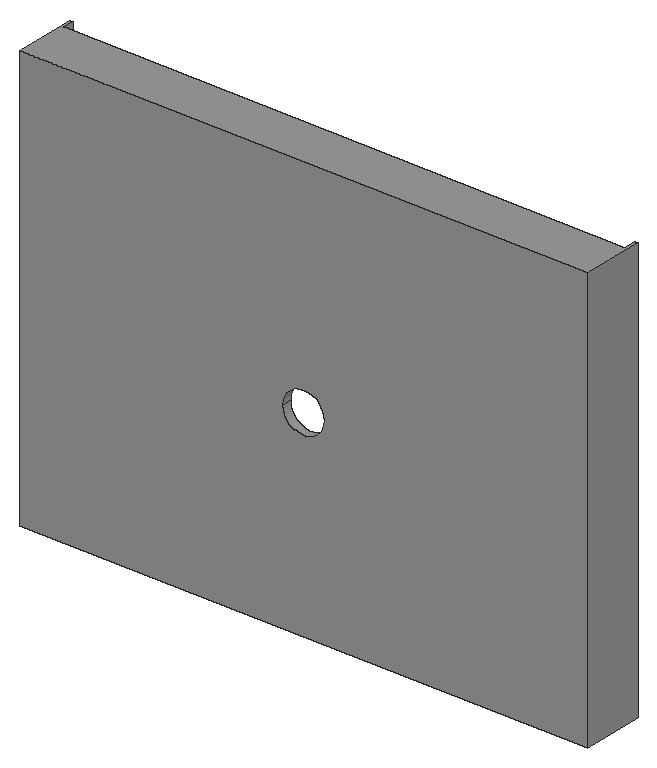
Revit family "Shower_Receptors-Willoughby-AS", category Plumbing Fixtures, host Face, Revit 2014
Parameters (values of type "36X48 (AS-S3648)")
  Width/2 = Width / 2  # 2' - 0"
  Width = 4' - 0"
  Waste DIA = 3 1/2"
  Waste Connection = yes
  Vent Connection = no
  URL = "www.willoughby-ind.com"
  Type Comments = "Rectangular Pan"
  Revision = "A"
  Model = "AS-S3648"
  Manufacturer = "Willoughby Industries"
  Height = 0' - 5 1/4"
  HW Connection = no
  Drain Distance = Width / 2  # 2' - 0"
  Description = "36x48 Shower Pan"
  Depth = 3' - 0"
  Default Elevation = 0' - 0"
  Contact Number = "(800) 428-4065"
  CW Connection = no
  Aquasurf Solid Surface = Solid Surface Acrylic Resin-Willoughby
Types (4): name | Width/2 | Width | Type Comments | Model | Drain Distance | Description | Aquasurf Solid Surface
  (no name) | 2' - 0" | 4' - 0" | "Rectangular Pan" | "AS-S3648" | 2' - 0" | "36x48 Shower Pan" | Solid Surface Acrylic Resin-Willoughby
  36X48 (AS-S3648) | 2' - 0" | 4' - 0" | "Rectangular Pan" | "AS-S3648" | 2' - 0" | "36x48 Shower Pan" | Solid Surface Acrylic Resin-Willoughby
  36X36 (AS-S3636) | 1' - 6" | 3' - 0" | "Square Pan" | "AS-S3636" | 1' - 6" | "36x36 Shower Pan" | Solid Surface Acrylic Resin-Willoughby(1)
  36x60 (AS-S3660) | 2' - 6" | 5' - 0" | "Rectangular Pan" | "AS-S3660" | 2' - 6" | "36x60 Shower Pan" | Solid Surface Acrylic Resin-Willoughby
Reference planes (in)
  plane 1 "Center (Front/Back)": y = 0
  plane 2: z = 0
  plane 3 "Center (Left/Right)": x = 0
  plane 4: y = 5.25
  plane 5: z = 36
  plane 6: x = 24
  plane 7: x = -24
  plane 8: z = 17
Forms (in)
  Extrusion 1, solid, material "Solid Surface Acrylic Resin-Willoughby" <- "Aquasurf Solid Surface"
    sketch origin (0, 0, 0) x (1, 0, 0) y (0, 0, 1)
      loop
        line (24, 0) -> (24, 36) -> (-24, 36) -> (-24, 0) -> (24, 0)
    from 0 to -5.25
  Extrusion 2, void, detail levels fine
    sketch origin (0, 0, 0) x (1, 0, 0) y (0, 0, 1)
      loop
        line (23.75, 36) -> (-23.75, 36) -> (-23.75, 0.25) -> (23.75, 0.25) -> (23.75, 36)
    from -5.25 to -4.25
  Extrusion 3, void, detail levels fine
    sketch origin (0, 0, 0) x (1, 0, 0) y (0, 0, 1)
      loop
        circle (0, 17) r 1.75
    from 0 to -4.25
  Extrusion 4, void, detail levels fine
    sketch origin (0, 0, 0) x (1, 0, 0) y (0, 0, 1)
      loop
        circle (0, 17) r 2.25
    from -0.75682 to -1
  Extrusion 5, void, detail levels fine
    sketch origin (0, 0, 0) x (1, 0, 0) y (0, 0, 1)
      loop
        arc (-20.75, 34) -> (-21.66753, 18.125) -> (-20.75, 2.25) r 137.79253
        line (-20.75, 2.25) -> (20.75, 2.25)
        arc (20.75, 2.25) -> (21.66753, 18.125) -> (20.75, 34) r 137.79253
        line (20.75, 34) -> (-20.75, 34)
    from -1 to -5.25
Cuts and joins
  Extrusion 2, Extrusion 3, Extrusion 4, Extrusion 5 cuts Extrusion 1
Lines and regions (in)
  symbolic lines
    curve 1: line (-24, 0, 0) -> (-24, 5.25, 0)
    curve 2: line (-24, 5.25, 0) -> (24, 5.25, 0)
    curve 3: line (24, 5.25, 0) -> (24, 0, 0)
    curve 4: line (24, 0, 0) -> (-24, 0, 0)
    curve 8: line (-24, 0, 0) -> (24, 0, 0)
    curve 9: line (24, 0, 0) -> (24, 0, 36)
    curve 10: line (24, 0, 36) -> (-24, 0, 36)
    curve 11: line (-24, 0, 36) -> (-24, 0, 0)
    curve 21: line (0, 5.25, 36) -> (0, 0, 36)
    curve 22: line (0, 0, 36) -> (0, 0, 0)
    curve 23: line (0, 0, 0) -> (0, 5.25, 0)
    curve 24: line (0, 5.25, 0) -> (0, 5.25, 36)
  symbolic lines, detail levels medium+fine
    curve 5: line (-23.75, 5.25, 0) -> (-23.75, 3.5, 0)
    curve 6: line (-23.75, 3.5, 0) -> (23.75, 3.5, 0)
    curve 7: line (23.75, 3.5, 0) -> (23.75, 5.25, 0)
    curve 12: line (-23.75, 0, 36) -> (-23.75, 0, 0.25)
    curve 13: line (-23.75, 0, 0.25) -> (23.75, 0, 0.25)
    curve 14: line (23.75, 0, 0.25) -> (23.75, 0, 36)
  symbolic lines, detail levels fine
    curve 15: line (20.75, 0, 34) -> (-20.75, 0, 34)
    curve 16: arc (-20.75, 0, 34) -> (-21.66753, 0, 18.125) -> (-20.75, 0, 2.25) r 137.79253
    curve 17: line (-20.75, 0, 2.25) -> (20.75, 0, 2.25)
    curve 18: arc (20.75, 0, 2.25) -> (21.66753, 0, 18.125) -> (20.75, 0, 34) r 137.79253
    curve 19: circle (0, 0, 17) r 1.75 normal (0, -1, 0)
    curve 20: circle (0, 0, 17) r 2.25 normal (0, -1, 0)
Dimensions and locks (in)
  "Height": plane 4 to plane 1 "Center (Front/Back)"
  "Width": plane 6 to plane 7
  "Depth": level to plane 5
  locked: level to plane 8 at 17
  "Width": plane 7 to plane 6
  "Height": plane 1 "Center (Front/Back)" to plane 4
  "Depth": plane 5 to level
  "Drain Distance": plane 3 "Center (Left/Right)" to plane 7
  aligned and locked: plane 2 to host face
  aligned and locked: level to host face
  aligned and locked: plane 6 to Extrusion 1
  aligned and locked: Extrusion 1 to plane 7
  aligned and locked: Extrusion 1 to level
  aligned and locked: plane 5 to Extrusion 1
  aligned and locked: Extrusion 1 to plane 4
  aligned and locked: plane 1 "Center (Front/Back)" to Extrusion 1
  aligned and locked: plane 5 to Extrusion 2
  aligned and locked: Extrusion 2 to plane 4
  aligned and locked: plane 3 "Center (Left/Right)" to Extrusion 3 sketch curve
  aligned and locked: plane 8 to Extrusion 3 sketch curve
  aligned and locked: plane 8 to Extrusion 4 sketch curve
  aligned and locked: plane 3 "Center (Left/Right)" to Extrusion 4 sketch curve
  aligned and locked: Extrusion 5 to plane 4
  aligned and locked: Extrusion 5 to Extrusion 4
Automatic sketch dimensions
  host sketch curve to host sketch curve = 6' - 4.24802"
  host sketch curve to host sketch curve = 3' - 7.00568"
  level to Extrusion 1 sketch curve = 0' - 0"
  plane 7 to Extrusion 1 sketch curve = 0' - 0"
  Extrusion 1 sketch curve to plane 6 = 0' - 0"
  level to Extrusion 1 sketch curve = 3' - 0"
  plane 7 to Extrusion 2 sketch curve = 0' - 0 1/4"
  Extrusion 2 sketch curve to plane 6 = 0' - 0 1/4"
  level to Extrusion 2 sketch curve = 0' - 0 1/4"
  plane 5 to Extrusion 2 sketch curve = 0' - 0"
  Extrusion 5 sketch curve to plane 8 = 0' - 1 1/8"  (x2)
  Extrusion 5 sketch curve to plane 7 = 7' - 8 1/8"
  plane 7 to Extrusion 5 sketch curve = 0' - 3 1/4"
  Extrusion 5 sketch curve to plane 6 = 0' - 3 1/4"
  Extrusion 5 sketch curve to plane 5 = 0' - 2"
  plane 6 to Extrusion 5 sketch curve = 7' - 8 1/8"
  level to Extrusion 5 sketch curve = 0' - 2 1/4"
  plane 1 "Center (Front/Back)" to curve 1 = 0' - 0"
  curve 1 to plane 7 = 0' - 0"
  plane 4 to curve 5 = 0' - 0"
  curve 4 to plane 6 = 0' - 0"
  plane 7 to curve 6 = 0' - 0 1/4"
  curve 5 to curve 5 = 0' - 1 3/4"
  curve 6 to plane 6 = 0' - 0 1/4"
  curve 19 to curve 20 = 0' - 0"  (x2)
  curve 12 to plane 5 = 0' - 0"
  curve 19 to plane 3 "Center (Left/Right)" = 0' - 0"
  curve 19 to plane 8 = 0' - 0"
  curve 18 to plane 8 = 0' - 1 1/8"
  curve 18 to plane 7 = 7' - 8 1/8"
  plane 7 to curve 13 = 0' - 0 1/4"
  plane 7 to curve 17 = 0' - 3 1/4"
  curve 15 to plane 5 = 0' - 2"
  curve 12 to curve 15 = 0' - 3"
  curve 17 to plane 6 = 0' - 3 1/4"
  curve 14 to plane 6 = 0' - 0 1/4"
  plane 6 to curve 16 = 7' - 8 1/8"
  level to curve 13 = 0' - 0 1/4"
  curve 21 to plane 1 "Center (Front/Back)" = 0' - 0"
  curve 24 to level = 0' - 0"
  curve 24 to plane 4 = 0' - 0"
  curve 22 to plane 5 = 0' - 0"
  curve 8 to level = 0' - 0"
  curve 9 to plane 6 = 0' - 0"
  curve 15 to curve 14 = 0' - 3"
  curve 11 to plane 7 = 0' - 0"
  radius of Extrusion 3 sketch curve = 0' - 1 3/4"
  radius of Extrusion 4 sketch curve = 0' - 2 1/4"
  radius of curve 19 = 0' - 1 3/4"
  radius of curve 20 = 0' - 2 1/4"
Connectors (in)
  piping at (0, 0.75682, 17), diameter 3.5, driven by "Waste Connection", driven by "Waste DIA"
    settings: on cut or joined group of Extrusion 1, Extrusion 2, Extrusion 3, Extrusion 4, Extrusion 5, index 1, connector inside diameter 3 1/2", connector length 0' - 0", flow factor 0, pipe flow 0 GPM, pressure drop 0.00 psi, fitting loss kfactor 0, connector angle 0.00°, fixture units 0, engagement length 0' - 0", angle of deflection 0.00°, flow configuration 0, flow direction 2, fitting loss method 0, system type 16, joint type 0, gender type 0, connector reference index -1, connector utility 1, adjustable connector yes, is connector primary yes, connector description "Shower Drain"
